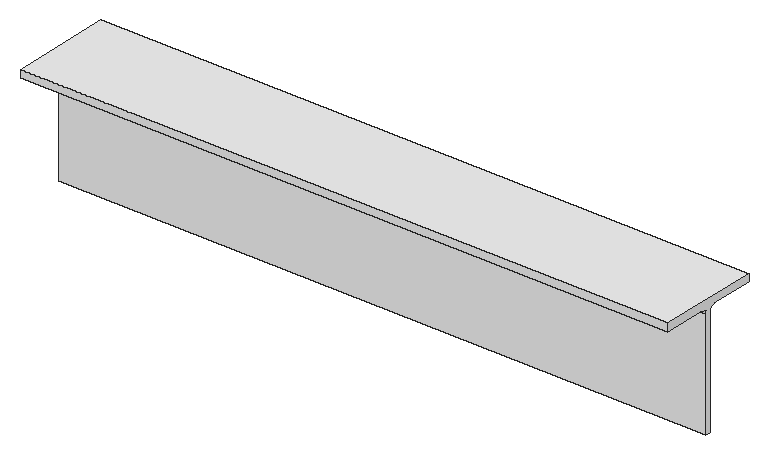
Revit family
Parameters (values of type "WT230X37")
  Start Extension Calculation [instance] = 3012.5 mm + Start Extension  # 3000 mm
  Start Extension [instance] = -12.5 mm
  End Extension Calculation [instance] = 3012.5 mm + End Extension  # 3000 mm
  End Extension [instance] = -12.5 mm
  Beam Material [instance] = Metal - Steel - 345 MPa
  Assembly Code = ""
  A = 0.005 m²
  Length [instance] = 1500 mm
  W = 0.36285
  bf = 190 mm
  d = 228 mm
  k = 24.7 mm
  kr = k - tf  # 10.2 mm
  tf = 14.5 mm
  tw = 9 mm
Reference planes
  plane 1 "Center (Front/Back)": y = 0
  plane 2: z = 0
  plane 3 "Center (Left/Right)": x = 4.61
  plane 4 "Member Left": x = -604.99
  plane 5 "Member Right": x = 614.21
  plane 6: y = 95
  plane 7: y = -95
  plane 8 "Top": z = 114
  plane 9: z = -114
  plane 10 "Left": x = -757.39
  plane 11 "Right": x = 742.61
  plane 12: x = -604.99
  plane 13: x = 614.21
  plane 14: x = 2395.01
  plane 15: x = -2385.79
Forms (mm)
  Sweep 1, solid, material "Metal - Steel - 345 MPa" <- "Beam Material", detail levels medium
    path origin (0, 0, 0) x (1, 0, 0) y (0, 1, 0)
      loop
        line (614.21, 0) -> (-604.99, 0)
    profile "M_Structural Tee-Profile-Medium : M_Structural Tee-Profile-Medium" origin (4.61, 0, 0) x (0, -1, 0) y (0, 0, 1)
      loop
        line (-95, 114) -> (-95, 99.5) -> (-4.5, 99.5) -> (-4.5, -114) -> (4.5, -114) -> (4.5, 99.5) -> (95, 99.5) -> (95, 114) -> (-95, 114)
  Sweep 2, solid, material "Metal - Steel - 345 MPa" <- "Beam Material", detail levels fine
    path origin (0, 0, 0) x (1, 0, 0) y (0, 1, 0)
      loop
        line (614.21, 0) -> (-604.99, 0)
    profile "M_Structural Tee-Profile-Fine : M_Structural Tee-Profile-Fine" origin (4.61, 0, 0) x (0, -1, 0) y (0, 0, 1)
      loop
        line (-95, 114) -> (-95, 99.5) -> (-14.7, 99.5)
        arc (-14.7, 99.5) -> (-7.488, 96.512) -> (-4.5, 89.3) r 10.2
        line (-4.5, 89.3) -> (-4.5, -114) -> (4.5, -114) -> (4.5, 89.3)
        arc (4.5, 89.3) -> (7.488, 96.512) -> (14.7, 99.5) r 10.2
        line (14.7, 99.5) -> (95, 99.5) -> (95, 114) -> (-95, 114)
Lines and regions (mm)
  symbolic lines, style "Hidden Faces", detail levels medium+fine
    curve 1: line (614.21, -6.5, 0) -> (-604.99, -6.5, 0)
    curve 2: line (614.21, 6.5, 0) -> (-604.99, 6.5, 0)
  symbolic lines, style "Stick Symbols", detail levels coarse
    curve 3: line (4.61, 95, 114) -> (4.61, -95, 114)
    curve 4: line (4.61, 0, 114) -> (4.61, 0, -114)
Dimensions and locks
  "bf": plane 6 to plane 7
  "d": plane 9 to plane 8 "Top"
  equal spacing: plane 9, plane 2, plane 8 "Top"
  equal spacing: plane 6, plane 1 "Center (Front/Back)", plane 7
  "Length": plane 10 "Left" to plane 11 "Right"
  locked: plane 4 "Member Left" to plane 14 at 3000
  locked: plane 15 to plane 5 "Member Right" at 3000
  "Start Extension Calculation": plane 12 to plane 14
  "End Extension Calculation": plane 15 to plane 13
  aligned and locked: Sweep 1 sketch curve to plane 1 "Center (Front/Back)"
  aligned and locked: Sweep 2 sketch curve to plane 1 "Center (Front/Back)"
  aligned and locked: Sweep 2 to curve 3  (x2)
  aligned and locked: curve 4 to Sweep 1
  aligned and locked: curve 3 to Sweep 2
  aligned and locked: plane 12 to Sweep 2 sketch curve
  aligned and locked: plane 13 to Sweep 2 sketch curve
  aligned and locked: plane 12 to Sweep 1 sketch curve
  aligned and locked: plane 13 to Sweep 1 sketch curve
  aligned and locked: plane 12 to curve 2
  aligned and locked: plane 12 to curve 1
  aligned and locked: plane 13 to curve 2
  aligned and locked: plane 13 to curve 1
Automatic sketch dimensions
  plane 1 "Center (Front/Back)" to curve 1 = 6.5 mm
  curve 2 to plane 1 "Center (Front/Back)" = 6.5 mm
  curve 4 to plane 1 "Center (Front/Back)" = 0 mm
